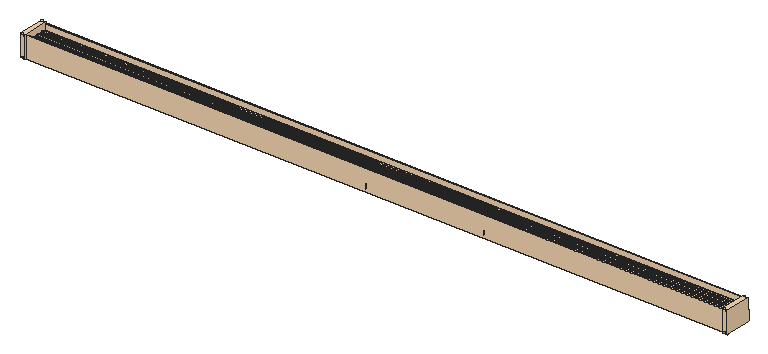
Revit family "Shower-Drain_Cover-KOHLER-Tile-In-K-80650_1", category Specialty Equipment, host Face, Revit 2017
Family settings
  Host = Face
  Round Connector Dimension = Use Diameter
  Part Type = Normal
  OmniClass Number = 23.31.25.00
  Cut with Voids When Loaded = No
  Shared = No
  Room Calculation Point = No
Parameters (values of type "2MB-Vibrant Brushed Moderne Brass")
  Width = 36"  # constant formula
  WaterSense Certified = 1 = 0  # no
  URL = "https://www.us.kohler.com/us/"
  Type = 1
  Product Page URL = "http://www.us.kohler.com/us/catalog/productDetails.jsp?productId=80650"
  Product Name = "TILE-IN"  # constant formula
  Product Documentation Link = "https://www.us.kohler.com/webassets/kpna/catalog/pdf/en/K-80650_spec_US-CA_Kohler_en.pdf"
  Model = if(Type = 1, "K-80650-2MB", if(Type = 2, "K-80650-BL", if(Type = 3, "K-80650-BNK", if(Type = 4, "K-80650-SH", "NA"))))  # "K-80650-2MB"
  Material = "Aluminum"  # constant formula
  Master Format 2014 Name = "Toilet, Bath, and Laundry Accessories"  # constant formula
  Master Format 2014 = "10 28 00"  # constant formula
  Manufacturer Address = "KOHLER Co. 444 Highland Dr. Kohler, WI 53044"  # constant formula
  Manufacturer = "KOHLER Co."  # constant formula
  Length = 1 87/256"  # constant formula
  Height = 1 1/8"  # constant formula
  Finish = Kohler-Metal-2MB-Vibrant_Brushed_Moderne_Brass
  Environmental Product Declaration = ""
  Description = "36 INCH TILE-IN THIN LINEAR DRAIN GRID"  # constant formula
  Default Elevation = 0"
  Declare Label = ""
  Date Modified = "04/15/2021"  # constant formula
  Date Created = "04/15/2021"  # constant formula
  Copyright = "Copyright KOHLER Co."  # constant formula
  Contact Us = "https://www.us.kohler.com/us/static/contact.jsp"
  Assembly Code = "C1030200"
  ADA Compliant = 1 = 0  # no
Types (5): name | Type | Model | Finish
  (no name) | 1 | "K-80650-2MB" | Kohler-Metal-2MB-Vibrant_Brushed_Moderne_Brass
  2MB-Vibrant Brushed Moderne Brass | 1 | "K-80650-2MB" | Kohler-Metal-2MB-Vibrant_Brushed_Moderne_Brass
  BL-Matte Black | 2 | "K-80650-BL" | Kohler-Metal-BL-Matte_Black
  BNK-Anodized Brushed Nickel | 3 | "K-80650-BNK" | Kohler-Metal-BNK-Anodized_Brushed_Nickel
  SH-Bright Silver | 4 | "K-80650-SH" | Kohler-Metal-SH-Bright_Silver
Reference planes (in)
  plane 1 "Center (Front/Back)": y = 0
  plane 2: z = 0
  plane 3 "Center (Left/Right)": x = 0
  plane 4: y = 0.66929
  plane 5: y = 0.62992
  plane 6: y = -0.67055
  plane 7: y = -0.62992
  plane 8: z = -1.125
  plane 9: x = -18
  plane 10: x = 18
Forms (in)
  Extrusion 1, void
    sketch origin (0, 0, 0) x (1, 0, 0) y (0, 1, 0)
      loop
        line (17.75, 0.62992) -> (-17.75, 0.62992) -> (-17.75, 0.68304) -> (-18, 0.68304) -> (-18, -0.6843) -> (-17.75, -0.6843) -> (-17.75, -0.62992) -> (17.75, -0.62992) -> (17.75, -0.6843) -> (18, -0.6843) -> (18, 0.68304) -> (17.75, 0.68304) -> (17.75, 0.62992)
    from 0 to -1.15415
Dimensions and locks (in)
  "Height": level to plane 8
  "Width": plane 9 to plane 10
  "Length": plane 4 to plane 6
  plane 5 to plane 7 = 1.25984"
  aligned and locked: plane 2 to host face
  aligned and locked: level to host face
Automatic sketch dimensions
  host sketch curve to host sketch curve = 96"  (x2)
  plane 5 to Extrusion 1 sketch curve = 0"
  Extrusion 1 sketch curve to plane 7 = 0"
  Extrusion 1 sketch curve to plane 6 = 0.01375"  (x2)
  Extrusion 1 sketch curve to plane 4 = 0.01375"  (x2)
  plane 9 to Extrusion 1 sketch curve = 0"
  Extrusion 1 sketch curve to Extrusion 1 sketch curve = 1/4"  (x3)
  Extrusion 1 sketch curve to plane 10 = 1/4"
  Extrusion 1 sketch curve to Extrusion 1 sketch curve = 0"
Nested families (in)
  nested 1: "K-80650" at (0, 0, 0), type "K-80650"
Definition of nested family "K-80650"
  Parameters (values of type "K-80650")
    Material = none
  Reference planes (in)
    plane 1 "Center (Front/Back)": y = 0
    plane 2: z = 0
    plane 3 "Center (Left/Right)": x = 0
    plane 4: y = 0.66929
    plane 5: y = -0.66929
    plane 6: y = 0.62992
    plane 7: y = -0.62992
    plane 8: z = -1.125
    plane 9: x = -18
    plane 10: x = 18
  Forms (in)
    Extrusion 1, solid, material <- "Material", detail levels medium+fine
      sketch origin (0, 0, 0) x (0, 1, 0) y (0, 0, 1)
        loop
          arc (-0.62929, 0) -> (-0.65758, -0.01172) -> (-0.66929, -0.04) r 0.04
          line (-0.66929, -0.04) -> (-0.66929, -1.085)
          arc (-0.66929, -1.085) -> (-0.65758, -1.11328) -> (-0.62929, -1.125) r 0.04
          line (-0.62929, -1.125) -> (0.62929, -1.125)
          arc (0.62929, -1.125) -> (0.65758, -1.11328) -> (0.66929, -1.085) r 0.04
          line (0.66929, -1.085) -> (0.66929, -0.04)
          arc (0.66929, -0.04) -> (0.65758, -0.01172) -> (0.62929, 0) r 0.04
          line (0.62929, 0) -> (-0.62929, 0)
      from -18 to -17.75
    Extrusion 2, solid, material <- "Material", detail levels medium+fine
      sketch origin (0, 0, 0) x (0, 1, 0) y (0, 0, -1)
        loop
          line (-0.62929, 0) -> (0.62929, 0)
          arc (0.62929, 0) -> (0.65758, 0.01172) -> (0.66929, 0.04) r 0.04
          line (0.66929, 0.04) -> (0.66929, 1.085)
          arc (0.66929, 1.085) -> (0.65758, 1.11328) -> (0.62929, 1.125) r 0.04
          line (0.62929, 1.125) -> (-0.62929, 1.125)
          arc (-0.62929, 1.125) -> (-0.65758, 1.11328) -> (-0.66929, 1.085) r 0.04
          line (-0.66929, 1.085) -> (-0.66929, 0.04)
          arc (-0.66929, 0.04) -> (-0.65758, 0.01172) -> (-0.62929, 0) r 0.04
      from -18 to -17.75
    Extrusion 3, solid, material <- "Material", detail levels medium+fine
      sketch origin (0, 0, 0) x (0, 1, 0) y (0, 0, 1)
        loop
          line (0.565, -0.03923) -> (0.565, -0.33923) -> (0.4936, -0.33923) -> (0.49622, -0.28923) -> (0.46098, -0.28923) -> (0.4636, -0.33923) -> (0.3882, -0.33923) -> (0.39082, -0.28923) -> (0.35558, -0.28923) -> (0.3582, -0.33923) -> (0.2828, -0.33923) -> (0.28542, -0.28923) -> (0.25018, -0.28923) -> (0.2528, -0.33923) -> (0.1774, -0.33923) -> (0.18002, -0.28923) -> (0.14478, -0.28923) -> (0.1474, -0.33923) -> (0.072, -0.33923) -> (0.07462, -0.28923) -> (0.03938, -0.28923) -> (0.042, -0.33923) -> (-0.0334, -0.33923) -> (-0.03078, -0.28923) -> (-0.06602, -0.28923) -> (-0.0634, -0.33923) -> (-0.1388, -0.33923) -> (-0.13618, -0.28923) -> (-0.17142, -0.28923) -> (-0.1688, -0.33923) -> (-0.2442, -0.33923) -> (-0.24158, -0.28923) -> (-0.27682, -0.28923) -> (-0.2742, -0.33923) -> (-0.3496, -0.33923) -> (-0.34698, -0.28923) -> (-0.38222, -0.28923) -> (-0.3796, -0.33923) -> (-0.455, -0.33923) -> (-0.45238, -0.28923) -> (-0.48762, -0.28923) -> (-0.485, -0.33923) -> (-0.565, -0.33923) -> (-0.565, -0.03923) -> (-0.62992, -0.03923) -> (-0.62992, -1.09923) -> (0.62992, -1.09923) -> (0.62992, -0.03923) -> (0.565, -0.03923)
      from -17.75 to 17.75
    Extrusion 4, void
      sketch origin (0, 0, 0) x (1, 0, 0) y (0, 1, 0)
        loop
          circle (-17.49981, -0.4001) r 0.07522
        loop
          circle (-16.51556, -0.4001) r 0.07522
        loop
          circle (-15.49864, -0.4001) r 0.07522
        loop
          circle (-14.49884, -0.4001) r 0.07522
        loop
          circle (-13.50037, -0.4001) r 0.07522
        loop
          circle (-12.50003, -0.4001) r 0.07522
        loop
          circle (-6.50056, -0.4001) r 0.07522
        loop
          circle (-0.50038, -0.4001) r 0.07522
        loop
          circle (5.50152, -0.4001) r 0.07522
        loop
          circle (11.50094, -0.4001) r 0.07522
        loop
          circle (17.50045, -0.4001) r 0.07522
        loop
          circle (-17.49981, 0.4001) r 0.07522
        loop
          circle (-16.51556, 0.4001) r 0.07522
        loop
          circle (-15.49864, 0.4001) r 0.07522
        loop
          circle (-14.49884, 0.4001) r 0.07522
        loop
          circle (-13.50037, 0.4001) r 0.07522
        loop
          circle (-12.50003, 0.4001) r 0.07522
        loop
          circle (-6.50056, 0.4001) r 0.07522
        loop
          circle (-0.50038, 0.4001) r 0.07522
        loop
          circle (5.50152, 0.4001) r 0.07522
        loop
          circle (11.50094, 0.4001) r 0.07522
        loop
          circle (17.50045, 0.4001) r 0.07522
      from -1.38399 to 0.45587
    Extrusion 5, solid, material <- "Material", detail levels coarse
      sketch origin (0, 0, 0) x (0, 1, 0) y (0, 0, 1)
        loop
          line (0.66929, 0) -> (-0.66929, 0) -> (-0.66929, -1.125) -> (0.66929, -1.125) -> (0.66929, 0)
      from -18 to 18
  Cuts and joins
    Extrusion 4 cuts Extrusion 3
    joined: Extrusion 1, Extrusion 2, Extrusion 3
  Lines and regions (in)
    Masking region 1
      outline origin (0, 0, 0) x (1, 0, 0) y (0, 1, 0)
        loop
          line (-18, 0.66929) -> (-18, -0.66929) -> (-17.75, -0.66929) -> (-17.75, -0.62992) -> (17.75, -0.62992) -> (17.75, -0.66929) -> (18, -0.66929) -> (18, 0.66929) -> (17.75, 0.66929) -> (17.75, 0.62992) -> (-17.75, 0.62992) -> (-17.75, 0.66929) -> (-18, 0.66929)
    Masking region 2
      outline origin (0, 0, 0) x (1, 0, 0) y (0, 0, 1)
        loop
          line (-17.97948, -1.125) -> (-17.75, -1.125) -> (-17.75, -1.09414) -> (17.75, -1.09414) -> (17.75, -1.125) -> (17.97948, -1.125)
          arc (17.97948, -1.125) -> (17.99399, -1.11899) -> (18, -1.10448) r 0.02052
          line (18, -1.10448) -> (18, -0.02052)
          arc (18, -0.02052) -> (17.99399, -0.00601) -> (17.97948, 0) r 0.02052
          line (17.97948, 0) -> (17.75, 0) -> (17.75, -0.05) -> (-17.75, -0.05) -> (-17.75, 0) -> (-17.97948, 0)
          arc (-17.97948, 0) -> (-17.99399, -0.00601) -> (-18, -0.02052) r 0.02052
          line (-18, -0.02052) -> (-18, -1.10448)
          arc (-18, -1.10448) -> (-17.99399, -1.11899) -> (-17.97948, -1.125) r 0.02052
    Masking region 3
      outline origin (0, 0, 0) x (0, 1, 0) y (0, 0, 1)
        loop
          line (0.66929, -1.08984) -> (0.66929, -0.03451)
          arc (0.66929, -0.03451) -> (0.65918, -0.01011) -> (0.63478, 0) r 0.03451
          line (0.63478, 0) -> (-0.63414, 0)
          arc (-0.63414, 0) -> (-0.65899, -0.0103) -> (-0.66929, -0.03516) r 0.03516
          line (-0.66929, -0.03516) -> (-0.66929, -1.08984)
          arc (-0.66929, -1.08984) -> (-0.65899, -1.1147) -> (-0.63414, -1.125) r 0.03516
          line (-0.63414, -1.125) -> (0.63414, -1.125)
          arc (0.63414, -1.125) -> (0.65899, -1.1147) -> (0.66929, -1.08984) r 0.03516
    symbolic lines, detail levels medium+fine
      curve 1: line (-17.75, 0, -0.05) -> (-17.75, 0, -1.09414)
      curve 2: line (17.75, 0, -0.04) -> (17.75, 0, -1.09414)
      curve 3: line (0, 0.63497, -0.01172) -> (0, -0.63432, -0.01172)
      curve 4: arc (0, -0.63432, -0.01172) -> (0, -0.6509, -0.01858) -> (0, -0.65776, -0.03516) r 0.02344
      curve 5: line (0, -0.65776, -1.08984) -> (0, -0.65776, -0.03516)
      curve 6: arc (0, -0.63432, -1.11328) -> (0, -0.6509, -1.10642) -> (0, -0.65776, -1.08984) r 0.02344
      curve 7: line (0, 0.63432, -1.11328) -> (0, -0.63432, -1.11328)
      curve 8: arc (0, 0.65776, -1.08984) -> (0, 0.6509, -1.10642) -> (0, 0.63432, -1.11328) r 0.02344
      curve 9: arc (0, 0.65776, -0.03451) -> (0, 0.65109, -0.01839) -> (0, 0.63497, -0.01172) r 0.02279
      curve 10: line (17.97948, 0, 0) -> (17.97948, 0, -1.125)
      curve 11: line (-17.97948, 0, -1.125) -> (-17.97948, 0, 0)
      curve 12: line (-17.75, 0.62992, 0) -> (-17.75, -0.62992, 0)
      curve 13: line (17.75, 0.62992, 0) -> (17.75, -0.62992, 0)
      curve 14: arc (17.42581, 0.39082, 0) -> (17.43197, 0.42984, 0) -> (17.45628, 0.46098, 0) r 0.07887
      curve 15: arc (17.43982, 0.35558, 0) -> (17.50045, 0.32575, 0) -> (17.56108, 0.35558, 0) r 0.07653
      curve 16: arc (17.57509, 0.39082, 0) -> (17.56932, 0.43001, 0) -> (17.54462, 0.46098, 0) r 0.07602
      curve 17: arc (11.4263, 0.39082, 0) -> (11.43246, 0.42984, 0) -> (11.45677, 0.46098, 0) r 0.07887
      curve 18: arc (11.44031, 0.35558, 0) -> (11.50094, 0.32575, 0) -> (11.56157, 0.35558, 0) r 0.07653
      curve 19: arc (11.57558, 0.39082, 0) -> (11.56981, 0.43001, 0) -> (11.54511, 0.46098, 0) r 0.07602
      curve 20: arc (5.42688, 0.39082, 0) -> (5.43304, 0.42984, 0) -> (5.45735, 0.46098, 0) r 0.07887
      curve 21: arc (5.44089, 0.35558, 0) -> (5.50152, 0.32575, 0) -> (5.56215, 0.35558, 0) r 0.07653
      curve 22: arc (5.57616, 0.39082, 0) -> (5.57039, 0.43001, 0) -> (5.54569, 0.46098, 0) r 0.07602
      curve 23: arc (-0.57502, 0.39082, 0) -> (-0.56886, 0.42984, 0) -> (-0.54455, 0.46098, 0) r 0.07887
      curve 24: arc (-0.56101, 0.35558, 0) -> (-0.50038, 0.32575, 0) -> (-0.43975, 0.35558, 0) r 0.07653
      curve 25: arc (-0.42574, 0.39082, 0) -> (-0.43151, 0.43001, 0) -> (-0.45621, 0.46098, 0) r 0.07602
      curve 26: arc (-6.5752, 0.39082, 0) -> (-6.56904, 0.42984, 0) -> (-6.54473, 0.46098, 0) r 0.07887
      curve 27: arc (-6.56119, 0.35558, 0) -> (-6.50056, 0.32575, 0) -> (-6.43993, 0.35558, 0) r 0.07653
      curve 28: arc (-6.42592, 0.39082, 0) -> (-6.43169, 0.43001, 0) -> (-6.45639, 0.46098, 0) r 0.07602
      curve 29: arc (-12.57467, 0.39082, 0) -> (-12.56851, 0.42984, 0) -> (-12.5442, 0.46098, 0) r 0.07887
      curve 30: arc (-12.56065, 0.35558, 0) -> (-12.50003, 0.32575, 0) -> (-12.4394, 0.35558, 0) r 0.07653
      curve 31: arc (-12.42538, 0.39082, 0) -> (-12.43115, 0.43001, 0) -> (-12.45586, 0.46098, 0) r 0.07602
      curve 32: arc (-13.57501, 0.39082, 0) -> (-13.56885, 0.42984, 0) -> (-13.54454, 0.46098, 0) r 0.07887
      curve 33: arc (-13.56099, 0.35558, 0) -> (-13.50037, 0.32575, 0) -> (-13.43974, 0.35558, 0) r 0.07653
      curve 34: arc (-13.42573, 0.39082, 0) -> (-13.43149, 0.43001, 0) -> (-13.4562, 0.46098, 0) r 0.07602
      curve 35: arc (-14.57348, 0.39082, 0) -> (-14.56732, 0.42984, 0) -> (-14.54301, 0.46098, 0) r 0.07887
      curve 36: arc (-14.55947, 0.35558, 0) -> (-14.49884, 0.32575, 0) -> (-14.43821, 0.35558, 0) r 0.07653
      curve 37: arc (-14.4242, 0.39082, 0) -> (-14.42997, 0.43001, 0) -> (-14.45467, 0.46098, 0) r 0.07602
      curve 38: arc (-15.57328, 0.39082, 0) -> (-15.56712, 0.42984, 0) -> (-15.54281, 0.46098, 0) r 0.07887
      curve 39: arc (-15.55927, 0.35558, 0) -> (-15.49864, 0.32575, 0) -> (-15.43801, 0.35558, 0) r 0.07653
      curve 40: arc (-15.424, 0.39082, 0) -> (-15.42977, 0.43001, 0) -> (-15.45447, 0.46098, 0) r 0.07602
      curve 41: arc (-16.5902, 0.39082, 0) -> (-16.58404, 0.42984, 0) -> (-16.55973, 0.46098, 0) r 0.07887
      curve 42: arc (-16.57618, 0.35558, 0) -> (-16.51556, 0.32575, 0) -> (-16.45493, 0.35558, 0) r 0.07653
      curve 43: arc (-16.44091, 0.39082, 0) -> (-16.44668, 0.43001, 0) -> (-16.47139, 0.46098, 0) r 0.07602
      curve 44: arc (-17.57445, 0.39082, 0) -> (-17.56829, 0.42984, 0) -> (-17.54398, 0.46098, 0) r 0.07887
      curve 45: arc (-17.56044, 0.35558, 0) -> (-17.49981, 0.32575, 0) -> (-17.43918, 0.35558, 0) r 0.07653
      curve 46: arc (-17.42517, 0.39082, 0) -> (-17.43094, 0.43001, 0) -> (-17.45564, 0.46098, 0) r 0.07602
      curve 47: arc (-17.57236, -0.38222, 0) -> (-17.56481, -0.36332, 0) -> (-17.55268, -0.34698, 0) r 0.07887
      curve 48: arc (-17.55357, -0.45238, 0) -> (-17.49981, -0.47445, 0) -> (-17.44605, -0.45238, 0) r 0.07653
      curve 49: arc (-17.42687, -0.38222, 0) -> (-17.43437, -0.36326, 0) -> (-17.44665, -0.34698, 0) r 0.07602
      curve 50: arc (-16.5902, -0.40938, 0) -> (-16.58404, -0.37035, 0) -> (-16.55973, -0.33922, 0) r 0.07887
      curve 51: arc (-16.57618, -0.44462, 0) -> (-16.51556, -0.47445, 0) -> (-16.45493, -0.44462, 0) r 0.07653
      curve 52: arc (-16.44091, -0.40938, 0) -> (-16.44668, -0.37018, 0) -> (-16.47139, -0.33922, 0) r 0.07602
      curve 53: arc (-15.57119, -0.38222, 0) -> (-15.56364, -0.36332, 0) -> (-15.55151, -0.34698, 0) r 0.07887
      curve 54: arc (-15.5524, -0.45238, 0) -> (-15.49864, -0.47445, 0) -> (-15.44488, -0.45238, 0) r 0.07653
      curve 55: arc (-15.4257, -0.38222, 0) -> (-15.4332, -0.36326, 0) -> (-15.44548, -0.34698, 0) r 0.07602
      curve 56: arc (-14.57139, -0.38222, 0) -> (-14.56384, -0.36332, 0) -> (-14.55171, -0.34698, 0) r 0.07887
      curve 57: arc (-14.5526, -0.45238, 0) -> (-14.49884, -0.47445, 0) -> (-14.44508, -0.45238, 0) r 0.07653
      curve 58: arc (-14.4259, -0.38222, 0) -> (-14.4334, -0.36326, 0) -> (-14.44568, -0.34698, 0) r 0.07602
      curve 59: arc (-13.57291, -0.38222, 0) -> (-13.56537, -0.36332, 0) -> (-13.55323, -0.34698, 0) r 0.07887
      curve 60: arc (-13.55413, -0.45238, 0) -> (-13.50037, -0.47445, 0) -> (-13.44661, -0.45238, 0) r 0.07653
      curve 61: arc (-13.42742, -0.38222, 0) -> (-13.43493, -0.36326, 0) -> (-13.4472, -0.34698, 0) r 0.07602
      curve 62: arc (-12.57257, -0.38222, 0) -> (-12.56503, -0.36332, 0) -> (-12.55289, -0.34698, 0) r 0.07887
      curve 63: arc (-12.55379, -0.45238, 0) -> (-12.50003, -0.47445, 0) -> (-12.44626, -0.45238, 0) r 0.07653
      curve 64: arc (-12.42708, -0.38222, 0) -> (-12.43459, -0.36326, 0) -> (-12.44686, -0.34698, 0) r 0.07602
      curve 65: arc (-6.57311, -0.38222, 0) -> (-6.56556, -0.36332, 0) -> (-6.55343, -0.34698, 0) r 0.07887
      curve 66: arc (-6.55432, -0.45238, 0) -> (-6.50056, -0.47445, 0) -> (-6.4468, -0.45238, 0) r 0.07653
      curve 67: arc (-6.42762, -0.38222, 0) -> (-6.43512, -0.36326, 0) -> (-6.4474, -0.34698, 0) r 0.07602
      curve 68: arc (-0.57293, -0.38222, 0) -> (-0.56538, -0.36332, 0) -> (-0.55324, -0.34698, 0) r 0.07887
      curve 69: arc (-0.55414, -0.45238, 0) -> (-0.50038, -0.47445, 0) -> (-0.44662, -0.45238, 0) r 0.07653
      curve 70: arc (-0.42743, -0.38222, 0) -> (-0.43494, -0.36326, 0) -> (-0.44721, -0.34698, 0) r 0.07602
      curve 71: arc (5.42897, -0.38222, 0) -> (5.43652, -0.36332, 0) -> (5.44865, -0.34698, 0) r 0.07887
      curve 72: arc (5.44776, -0.45238, 0) -> (5.50152, -0.47445, 0) -> (5.55528, -0.45238, 0) r 0.07653
      curve 73: arc (5.57446, -0.38222, 0) -> (5.56696, -0.36326, 0) -> (5.55468, -0.34698, 0) r 0.07602
      curve 74: arc (11.42839, -0.38222, 0) -> (11.43594, -0.36332, 0) -> (11.44808, -0.34698, 0) r 0.07887
      curve 75: arc (11.44718, -0.45238, 0) -> (11.50094, -0.47445, 0) -> (11.5547, -0.45238, 0) r 0.07653
      curve 76: arc (11.57389, -0.38222, 0) -> (11.56638, -0.36326, 0) -> (11.55411, -0.34698, 0) r 0.07602
      curve 77: arc (17.4279, -0.38222, 0) -> (17.43545, -0.36332, 0) -> (17.44758, -0.34698, 0) r 0.07887
      curve 78: arc (17.44669, -0.45238, 0) -> (17.50045, -0.47445, 0) -> (17.55421, -0.45238, 0) r 0.07653
      curve 79: arc (17.57339, -0.38222, 0) -> (17.56589, -0.36326, 0) -> (17.55361, -0.34698, 0) r 0.07602
      curve 80: line (0, 0.65776, -1.08984) -> (0, 0.65776, -0.03451)
      curve 81: line (17.75, -0.565, 0) -> (-17.75, -0.565, 0)
      curve 82: line (-17.75, -0.48762, 0) -> (17.75, -0.48762, 0)
      curve 83: line (-17.75, -0.45238, 0) -> (-17.55388, -0.45238, 0)
      curve 84: line (-17.75, -0.38222, 0) -> (-17.57287, -0.38222, 0)
      curve 85: line (-17.75, -0.34698, 0) -> (-17.55306, -0.34698, 0)
      curve 86: line (-17.75, -0.27682, 0) -> (17.75, -0.27682, 0)
      curve 87: line (-17.75, -0.24158, 0) -> (17.75, -0.24158, 0)
      curve 88: line (-17.75, -0.17142, 0) -> (17.75, -0.17142, 0)
      curve 89: line (-17.75, -0.13618, 0) -> (17.75, -0.13618, 0)
      curve 90: line (-17.75, -0.06602, 0) -> (17.75, -0.06602, 0)
      curve 91: line (-17.75, -0.03078, 0) -> (17.75, -0.03078, 0)
      curve 92: line (-17.75, 0.03938, 0) -> (17.75, 0.03938, 0)
      curve 93: line (-17.75, 0.07462, 0) -> (17.75, 0.07462, 0)
      curve 94: line (-17.75, 0.14478, 0) -> (17.75, 0.14478, 0)
      curve 95: line (-17.75, 0.18002, 0) -> (17.75, 0.18002, 0)
      curve 96: line (-17.75, 0.25018, 0) -> (17.75, 0.25018, 0)
      curve 97: line (-17.75, 0.28542, 0) -> (17.75, 0.28542, 0)
      curve 98: line (-17.75, 0.35558, 0) -> (-17.56044, 0.35558, 0)
      curve 99: line (-17.75, 0.39082, 0) -> (-17.57445, 0.39082, 0)
      curve 100: arc (-17.45564, 0.46098, 0) -> (-17.49981, 0.47531, 0) -> (-17.54398, 0.46098, 0) r 0.07522
      curve 101: line (-17.75, 0.46098, 0) -> (-17.54398, 0.46098, 0)
      curve 102: line (-17.75, 0.49622, 0) -> (17.75, 0.49622, 0)
      curve 103: line (-17.75, 0.565, 0) -> (17.75, 0.565, 0)
      curve 104: line (-17.45564, 0.46098, 0) -> (-16.55973, 0.46098, 0)
      curve 105: line (-17.43918, 0.35558, 0) -> (-16.57618, 0.35558, 0)
      curve 106: arc (-16.5902, 0.39082, 0) -> (-16.58545, 0.3723, 0) -> (-16.57618, 0.35558, 0) r 0.07522
      curve 107: arc (-16.47139, 0.46098, 0) -> (-16.51556, 0.47531, 0) -> (-16.55973, 0.46098, 0) r 0.07522
      curve 108: line (-16.47139, 0.46098, 0) -> (-15.54281, 0.46098, 0)
      curve 109: line (-16.44091, 0.39082, 0) -> (-15.57328, 0.39082, 0)
      curve 110: line (-16.45493, 0.35558, 0) -> (-15.55927, 0.35558, 0)
      curve 111: arc (-17.57287, -0.38222, 0) -> (-17.57241, -0.41975, 0) -> (-17.55388, -0.45238, 0) r 0.07522
      curve 112: arc (-17.44656, -0.34698, 0) -> (-17.49981, -0.32488, 0) -> (-17.55306, -0.34698, 0) r 0.07522
      curve 113: line (-17.44573, -0.45238, 0) -> (-16.56963, -0.45238, 0)
      curve 114: line (-17.42675, -0.38222, 0) -> (-16.58862, -0.38222, 0)
      curve 115: line (-17.44656, -0.34698, 0) -> (-16.56881, -0.34698, 0)
      curve 116: line (-16.4623, -0.34698, 0) -> (-15.5519, -0.34698, 0)
      curve 117: line (-16.4425, -0.38222, 0) -> (-15.5717, -0.38222, 0)
      curve 118: line (-16.46148, -0.45238, 0) -> (-15.55272, -0.45238, 0)
      curve 119: arc (-16.58862, -0.38222, 0) -> (-16.58816, -0.41975, 0) -> (-16.56963, -0.45238, 0) r 0.07522
      curve 120: arc (-16.4623, -0.34698, 0) -> (-16.51556, -0.32488, 0) -> (-16.56881, -0.34698, 0) r 0.07522
      curve 121: arc (-15.44539, -0.34698, 0) -> (-15.49864, -0.32488, 0) -> (-15.5519, -0.34698, 0) r 0.07522
      curve 122: arc (-15.5717, -0.38222, 0) -> (-15.57125, -0.41975, 0) -> (-15.55272, -0.45238, 0) r 0.07522
      curve 123: line (-15.44457, -0.45238, 0) -> (-14.55292, -0.45238, 0)
      curve 124: line (-15.42558, -0.38222, 0) -> (-14.5719, -0.38222, 0)
      curve 125: line (-15.44539, -0.34698, 0) -> (-14.55209, -0.34698, 0)
      curve 126: line (-15.45447, 0.46098, 0) -> (-14.54301, 0.46098, 0)
      curve 127: line (-15.424, 0.39082, 0) -> (-14.57348, 0.39082, 0)
      curve 128: line (-15.43801, 0.35558, 0) -> (-14.55947, 0.35558, 0)
      curve 129: arc (-15.57328, 0.39082, 0) -> (-15.56853, 0.3723, 0) -> (-15.55927, 0.35558, 0) r 0.07522
      curve 130: arc (-15.45447, 0.46098, 0) -> (-15.49864, 0.47531, 0) -> (-15.54281, 0.46098, 0) r 0.07522
      curve 131: line (-14.44476, -0.45238, 0) -> (-13.55444, -0.45238, 0)
      curve 132: line (-14.42578, -0.38222, 0) -> (-13.57343, -0.38222, 0)
      curve 133: line (-14.44559, -0.34698, 0) -> (-13.55362, -0.34698, 0)
      curve 134: arc (-14.44559, -0.34698, 0) -> (-14.49884, -0.32488, 0) -> (-14.55209, -0.34698, 0) r 0.07522
      curve 135: arc (-14.5719, -0.38222, 0) -> (-14.57145, -0.41975, 0) -> (-14.55292, -0.45238, 0) r 0.07522
      curve 136: arc (-13.57343, -0.38222, 0) -> (-13.57297, -0.41975, 0) -> (-13.55444, -0.45238, 0) r 0.07522
      curve 137: arc (-13.44711, -0.34698, 0) -> (-13.50037, -0.32488, 0) -> (-13.55362, -0.34698, 0) r 0.07522
      curve 138: line (-13.44711, -0.34698, 0) -> (-12.55328, -0.34698, 0)
      curve 139: line (-13.42731, -0.38222, 0) -> (-12.57309, -0.38222, 0)
      curve 140: line (-13.44629, -0.45238, 0) -> (-12.5541, -0.45238, 0)
      curve 141: arc (-14.45467, 0.46098, 0) -> (-14.49884, 0.47531, 0) -> (-14.54301, 0.46098, 0) r 0.07522
      curve 142: line (-14.45467, 0.46098, 0) -> (-13.54454, 0.46098, 0)
      curve 143: line (-14.4242, 0.39082, 0) -> (-13.57501, 0.39082, 0)
      curve 144: line (-14.43821, 0.35558, 0) -> (-13.56099, 0.35558, 0)
      curve 145: arc (-14.57348, 0.39082, 0) -> (-14.56873, 0.3723, 0) -> (-14.55947, 0.35558, 0) r 0.07522
      curve 146: line (-13.43974, 0.35558, 0) -> (-12.56065, 0.35558, 0)
      curve 147: line (-13.42573, 0.39082, 0) -> (-12.57467, 0.39082, 0)
      curve 148: arc (-13.4562, 0.46098, 0) -> (-13.50037, 0.47531, 0) -> (-13.54454, 0.46098, 0) r 0.07522
      curve 149: arc (-13.57501, 0.39082, 0) -> (-13.57026, 0.3723, 0) -> (-13.56099, 0.35558, 0) r 0.07522
      curve 150: line (-13.4562, 0.46098, 0) -> (-12.5442, 0.46098, 0)
      curve 151: line (-12.45586, 0.46098, 0) -> (-6.54473, 0.46098, 0)
      curve 152: arc (-12.57467, 0.39082, 0) -> (-12.56992, 0.3723, 0) -> (-12.56065, 0.35558, 0) r 0.07522
      curve 153: arc (-12.45586, 0.46098, 0) -> (-12.50003, 0.47531, 0) -> (-12.5442, 0.46098, 0) r 0.07522
      curve 154: line (-12.42538, 0.39082, 0) -> (-6.5752, 0.39082, 0)
      curve 155: line (-12.4394, 0.35558, 0) -> (-6.56119, 0.35558, 0)
      curve 156: arc (-12.57309, -0.38222, 0) -> (-12.57263, -0.41975, 0) -> (-12.5541, -0.45238, 0) r 0.07522
      curve 157: arc (-12.44677, -0.34698, 0) -> (-12.50003, -0.32488, 0) -> (-12.55328, -0.34698, 0) r 0.07522
      curve 158: line (-12.44677, -0.34698, 0) -> (-6.55381, -0.34698, 0)
      curve 159: line (-12.42696, -0.38222, 0) -> (-6.57362, -0.38222, 0)
      curve 160: line (-12.44595, -0.45238, 0) -> (-6.55464, -0.45238, 0)
      curve 161: line (-6.45639, 0.46098, 0) -> (-0.54455, 0.46098, 0)
      curve 162: line (-6.42592, 0.39082, 0) -> (-0.57502, 0.39082, 0)
      curve 163: line (-6.43993, 0.35558, 0) -> (-0.56101, 0.35558, 0)
      curve 164: line (-6.44731, -0.34698, 0) -> (-0.55363, -0.34698, 0)
      curve 165: line (-6.4275, -0.38222, 0) -> (-0.57344, -0.38222, 0)
      curve 166: line (-6.44648, -0.45238, 0) -> (-0.55445, -0.45238, 0)
      curve 167: arc (-6.57362, -0.38222, 0) -> (-6.57317, -0.41975, 0) -> (-6.55464, -0.45238, 0) r 0.07522
      curve 168: arc (-6.44731, -0.34698, 0) -> (-6.50056, -0.32488, 0) -> (-6.55381, -0.34698, 0) r 0.07522
      curve 169: arc (-6.5752, 0.39082, 0) -> (-6.57045, 0.3723, 0) -> (-6.56119, 0.35558, 0) r 0.07522
      curve 170: arc (-6.45639, 0.46098, 0) -> (-6.50056, 0.47531, 0) -> (-6.54473, 0.46098, 0) r 0.07522
      curve 171: arc (-0.57502, 0.39082, 0) -> (-0.57027, 0.3723, 0) -> (-0.56101, 0.35558, 0) r 0.07522
      curve 172: arc (-0.45621, 0.46098, 0) -> (-0.50038, 0.47531, 0) -> (-0.54455, 0.46098, 0) r 0.07522
      curve 173: line (-0.45621, 0.46098, 0) -> (5.45735, 0.46098, 0)
      curve 174: line (-0.42574, 0.39082, 0) -> (5.42688, 0.39082, 0)
      curve 175: line (-0.43975, 0.35558, 0) -> (5.44089, 0.35558, 0)
      curve 176: arc (-0.57344, -0.38222, 0) -> (-0.57298, -0.41975, 0) -> (-0.55445, -0.45238, 0) r 0.07522
      curve 177: arc (-0.44712, -0.34698, 0) -> (-0.50038, -0.32488, 0) -> (-0.55363, -0.34698, 0) r 0.07522
      curve 178: line (-0.44712, -0.34698, 0) -> (5.44827, -0.34698, 0)
      curve 179: line (-0.42732, -0.38222, 0) -> (5.42846, -0.38222, 0)
      curve 180: line (-0.4463, -0.45238, 0) -> (5.44745, -0.45238, 0)
      curve 181: arc (5.55478, -0.34698, 0) -> (5.50152, -0.32488, 0) -> (5.44827, -0.34698, 0) r 0.07522
      curve 182: arc (5.42846, -0.38222, 0) -> (5.42892, -0.41975, 0) -> (5.44745, -0.45238, 0) r 0.07522
      curve 183: line (5.5556, -0.45238, 0) -> (11.44687, -0.45238, 0)
      curve 184: line (5.57458, -0.38222, 0) -> (11.42788, -0.38222, 0)
      curve 185: line (5.55478, -0.34698, 0) -> (11.44769, -0.34698, 0)
      curve 186: arc (5.42688, 0.39082, 0) -> (5.43163, 0.3723, 0) -> (5.44089, 0.35558, 0) r 0.07522
      curve 187: line (5.56215, 0.35558, 0) -> (11.44031, 0.35558, 0)
      curve 188: line (5.57616, 0.39082, 0) -> (11.4263, 0.39082, 0)
      curve 189: arc (5.54569, 0.46098, 0) -> (5.50152, 0.47531, 0) -> (5.45735, 0.46098, 0) r 0.07522
      curve 190: line (5.54569, 0.46098, 0) -> (11.45677, 0.46098, 0)
      curve 191: line (11.54511, 0.46098, 0) -> (17.45628, 0.46098, 0)
      curve 192: line (11.57558, 0.39082, 0) -> (17.42581, 0.39082, 0)
      curve 193: line (11.56157, 0.35558, 0) -> (17.43982, 0.35558, 0)
      curve 194: arc (11.4263, 0.39082, 0) -> (11.43105, 0.3723, 0) -> (11.44031, 0.35558, 0) r 0.07522
      curve 195: arc (11.54511, 0.46098, 0) -> (11.50094, 0.47531, 0) -> (11.45677, 0.46098, 0) r 0.07522
      curve 196: arc (11.42788, -0.38222, 0) -> (11.42834, -0.41975, 0) -> (11.44687, -0.45238, 0) r 0.07522
      curve 197: arc (11.5542, -0.34698, 0) -> (11.50094, -0.32488, 0) -> (11.44769, -0.34698, 0) r 0.07522
      curve 198: line (11.5542, -0.34698, 0) -> (17.4472, -0.34698, 0)
      curve 199: line (11.574, -0.38222, 0) -> (17.42739, -0.38222, 0)
      curve 200: line (11.55502, -0.45238, 0) -> (17.44638, -0.45238, 0)
      curve 201: line (17.57351, -0.38222, 0) -> (17.75, -0.38222, 0)
      curve 202: line (17.5537, -0.34698, 0) -> (17.75, -0.34698, 0)
      curve 203: line (17.55453, -0.45238, 0) -> (17.75, -0.45238, 0)
      curve 204: arc (17.42739, -0.38222, 0) -> (17.42785, -0.41975, 0) -> (17.44638, -0.45238, 0) r 0.07522
      curve 205: arc (17.5537, -0.34698, 0) -> (17.50045, -0.32488, 0) -> (17.4472, -0.34698, 0) r 0.07522
      curve 206: line (17.54462, 0.46098, 0) -> (17.75, 0.46098, 0)
      curve 207: line (17.57509, 0.39082, 0) -> (17.75, 0.39082, 0)
      curve 208: line (17.56108, 0.35558, 0) -> (17.75, 0.35558, 0)
      curve 209: arc (17.42581, 0.39082, 0) -> (17.43056, 0.3723, 0) -> (17.43982, 0.35558, 0) r 0.07522
      curve 210: arc (17.54462, 0.46098, 0) -> (17.50045, 0.47531, 0) -> (17.45628, 0.46098, 0) r 0.07522
      curve 211: line (-17.75, 0.565, 0) -> (-17.75, 0.49622, 0)
      curve 212: line (-17.75, 0.46098, 0) -> (-17.75, 0.39082, 0)
      curve 213: line (-17.75, 0.35558, 0) -> (-17.75, 0.28542, 0)
      curve 214: line (-17.75, 0.25018, 0) -> (-17.75, 0.18002, 0)
      curve 215: line (-17.75, 0.14478, 0) -> (-17.75, 0.07462, 0)
      curve 216: line (-17.75, 0.03938, 0) -> (-17.75, -0.03078, 0)
      curve 217: line (-17.75, -0.06602, 0) -> (-17.75, -0.13618, 0)
      curve 218: line (-17.75, -0.17142, 0) -> (-17.75, -0.24158, 0)
      curve 219: line (-17.75, -0.27682, 0) -> (-17.75, -0.34698, 0)
      curve 220: line (-17.75, -0.38222, 0) -> (-17.75, -0.45238, 0)
      curve 221: line (-17.75, -0.48762, 0) -> (-17.75, -0.565, 0)
      curve 222: line (-17.42517, 0.39082, 0) -> (-16.5902, 0.39082, 0)
      curve 223: arc (-16.45493, 0.35558, 0) -> (-16.44566, 0.3723, 0) -> (-16.44091, 0.39082, 0) r 0.07522
      curve 224: arc (-15.43801, 0.35558, 0) -> (-15.42875, 0.3723, 0) -> (-15.424, 0.39082, 0) r 0.07522
      curve 225: arc (-14.43821, 0.35558, 0) -> (-14.42895, 0.3723, 0) -> (-14.4242, 0.39082, 0) r 0.07522
      curve 226: arc (-13.43974, 0.35558, 0) -> (-13.43047, 0.3723, 0) -> (-13.42573, 0.39082, 0) r 0.07522
      curve 227: arc (-16.46148, -0.45238, 0) -> (-16.44295, -0.41975, 0) -> (-16.4425, -0.38222, 0) r 0.07522
      curve 228: arc (-15.44457, -0.45238, 0) -> (-15.42604, -0.41975, 0) -> (-15.42558, -0.38222, 0) r 0.07522
      curve 229: arc (-14.44476, -0.45238, 0) -> (-14.42623, -0.41975, 0) -> (-14.42578, -0.38222, 0) r 0.07522
      curve 230: arc (-13.44629, -0.45238, 0) -> (-13.42776, -0.41975, 0) -> (-13.42731, -0.38222, 0) r 0.07522
      curve 231: arc (-17.44573, -0.45238, 0) -> (-17.4272, -0.41975, 0) -> (-17.42675, -0.38222, 0) r 0.07522
      curve 232: arc (-17.42517, 0.39082, 0) -> (-17.42992, 0.3723, 0) -> (-17.43918, 0.35558, 0) r 0.07522
      curve 233: arc (-17.57445, 0.39082, 0) -> (-17.5697, 0.3723, 0) -> (-17.56044, 0.35558, 0) r 0.07522
      curve 234: arc (-12.4394, 0.35558, 0) -> (-12.43013, 0.3723, 0) -> (-12.42538, 0.39082, 0) r 0.07522
      curve 235: arc (-12.44595, -0.45238, 0) -> (-12.42742, -0.41975, 0) -> (-12.42696, -0.38222, 0) r 0.07522
      curve 236: arc (-6.44648, -0.45238, 0) -> (-6.42796, -0.41975, 0) -> (-6.4275, -0.38222, 0) r 0.07522
      curve 237: arc (-6.43993, 0.35558, 0) -> (-6.43067, 0.3723, 0) -> (-6.42592, 0.39082, 0) r 0.07522
      curve 238: arc (-0.43975, 0.35558, 0) -> (-0.43049, 0.3723, 0) -> (-0.42574, 0.39082, 0) r 0.07522
      curve 239: arc (-0.4463, -0.45238, 0) -> (-0.42777, -0.41975, 0) -> (-0.42732, -0.38222, 0) r 0.07522
      curve 240: arc (5.5556, -0.45238, 0) -> (5.57413, -0.41975, 0) -> (5.57458, -0.38222, 0) r 0.07522
      curve 241: arc (5.56215, 0.35558, 0) -> (5.57141, 0.3723, 0) -> (5.57616, 0.39082, 0) r 0.07522
      curve 242: arc (11.55502, -0.45238, 0) -> (11.57355, -0.41975, 0) -> (11.574, -0.38222, 0) r 0.07522
      curve 243: arc (11.56157, 0.35558, 0) -> (11.57083, 0.3723, 0) -> (11.57558, 0.39082, 0) r 0.07522
      curve 244: arc (17.55453, -0.45238, 0) -> (17.57306, -0.41975, 0) -> (17.57351, -0.38222, 0) r 0.07522
      curve 245: arc (17.56108, 0.35558, 0) -> (17.57034, 0.3723, 0) -> (17.57509, 0.39082, 0) r 0.07522
      curve 246: line (17.75, 0.565, 0) -> (17.75, 0.49622, 0)
      curve 247: line (17.75, 0.46098, 0) -> (17.75, 0.39082, 0)
      curve 248: line (17.75, 0.35558, 0) -> (17.75, 0.28542, 0)
      curve 249: line (17.75, 0.25018, 0) -> (17.75, 0.18002, 0)
      curve 250: line (17.75, 0.14478, 0) -> (17.75, 0.07462, 0)
      curve 251: line (17.75, 0.03938, 0) -> (17.75, -0.03078, 0)
      curve 252: line (17.75, -0.06602, 0) -> (17.75, -0.13618, 0)
      curve 253: line (17.75, -0.17142, 0) -> (17.75, -0.24158, 0)
      curve 254: line (17.75, -0.27682, 0) -> (17.75, -0.34698, 0)
      curve 255: line (17.75, -0.38222, 0) -> (17.75, -0.45238, 0)
      curve 256: line (17.75, -0.48762, 0) -> (17.75, -0.565, 0)
  Dimensions and locks (in)
    plane 6 to plane 7 = 1.25984"  (x2)
    level to plane 8 = 1 1/8"
    plane 9 to plane 10 = 36"
    plane 5 to plane 1 "Center (Front/Back)" = 0.66929"
    aligned and locked: plane 2 to level
